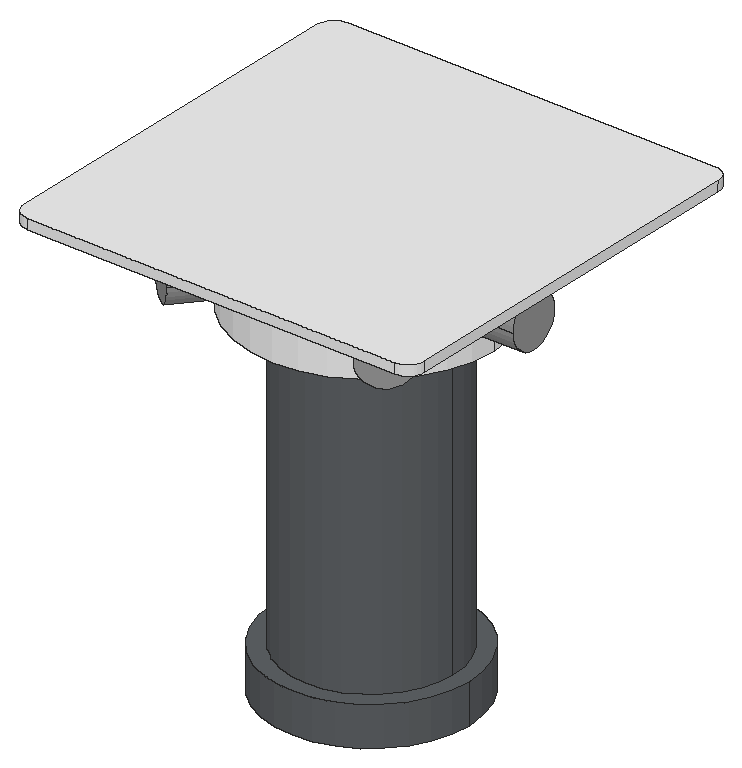
Revit family "KEUCO_59551000070_", category Generic Models, Revit 2016
Family settings
  Part Type = Normal
  Can host rebar = No
  Round Connector Dimension = Use Diameter
  Work Plane-Based = Yes
  Always vertical = No
  Cut with Voids When Loaded = No
  Shared = No
  Room Calculation Point = No
Parameters (values of type "59551000070")
  Verwendung = "DU / WA / ZU"  # constant formula
  Preisgruppe = ""
  Kategorie = "ARM"
  Gewicht = 0
  Breite = 45 mm
  URL = "https://www.keuco.com/de/produkte/sortiment/artikel/?pid=59551&oid=7&pgo=9&country=de&lang=de&vid=59551000070"
  Materialien bei Hersteller anfragen = "Anfrage zu:  objektmanagement@keuco.de"
  Description = "Grundkörper für Wandeinbau,\r\nEinbautiefe 80 - 110 mm"
  Default Elevation = 1219.2 mm
  Serie = "Plan"  # constant formula
  Material = Stahl, verchromt
  Manufacturer = "KEUCO"  # constant formula
  Assembly Code = ""
  Ausschreibungstext = "KEUCO IXMO UP Funktionseinheit für Einhebelmischer DN15, 59551000070\r\nschallentkoppelter Grundkörper aus entzinkungsarmen Messing,\r\nfür den Wandeinbau, frei positionierbar,\r\nEinbautiefe 80 mm – 110 mm,\r\nGrundplatte mit Einstellschrauben zur optimalen Ausrichtung, \r\nAnschlüsse G 1/2 Zoll mit farblicher Kennzeichnung,\r\nHinweis: passend zu Artikel-Nr.\r\n59551019501\r\n59551019502"
  Artikelnummer = "59551000070"
Reference planes
  plane 1 "Center (Front/Back)": y = 0
  plane 2: z = 0
  plane 3 "Center (Left/Right)": x = 0
Forms (mm)
  Extrusion 1, solid, material "Stahl, verchromt" <- "Material"
    sketch origin (0, 16.5, -23) x (1, 0, 0) y (0, 1, 0)
      loop
        circle (0.019, -16.484) r 37.5
    from -7 to 20
  Extrusion 2, solid, material "Stahl, verchromt" <- "Material"
    sketch origin (0, 16.5, 0) x (0, 1, 0) y (-1, 0, 0)
      loop
        arc (44.5, 56) -> (43.036, 59.536) -> (39.5, 61) r 5
        line (39.5, 61) -> (-72.5, 61)
        arc (-72.5, 61) -> (-76.036, 59.536) -> (-77.5, 56) r 5
        line (-77.5, 56) -> (-77.5, -56)
        arc (-77.5, -56) -> (-76.036, -59.536) -> (-72.5, -61) r 5
        line (-72.5, -61) -> (39.5, -61)
        arc (39.5, -61) -> (43.036, -59.536) -> (44.5, -56) r 5
        line (44.5, -56) -> (44.5, 56)
    from 0 to -3
  Extrusion 3, solid, material "Schwarzgrau"
    sketch origin (0, 16.5, -145) x (0, 1, 0) y (-1, 0, 0)
      loop
        circle (-16.5, 0) r 25
    from 21.987 to 115
  Extrusion 4, solid, material "Aluminum, Anodized Red"
    sketch origin (-1.721, 0.475, -32.959) x (0.756817, -0.653627, 0) y (0, 0, 1)
      loop
        circle (0, 15.638) r 7.801
    from 35.359 to 50.002
  Extrusion 5, solid, material "Brass, Soft Yellow, Welded"
    sketch origin (10.617, -0.559, -32.959) x (0, 1, 0) y (0, 0, 1)
      loop
        circle (0, 15.638) r 7.801
    from 25.751 to 39.383
  Extrusion 6, solid, material "Schwarzgrau"
    sketch origin (0, 16.5, -170) x (0, 1, 0) y (-1, 0, 0)
      loop
        circle (-16.5, 0) r 30
    from 46.987 to 35
  Extrusion 7, solid, material "Brass, Soft Yellow, Welded"
    sketch origin (-10.617, -0.559, -32.959) x (0, 1, 0) y (0, 0, -1)
      loop
        circle (0, -15.638) r 7.801
    from 25.751 to 39.383
  Extrusion 8, solid, material "Aluminum, Anodized Silver"
    sketch origin (1.721, 0.475, -32.959) x (-0.756817, -0.653627, 0) y (0, 0, -1)
      loop
        circle (0, -15.638) r 7.801
    from 35.359 to 50.002
Dimensions and locks
  Extrusion 1 to Extrusion 1 = 27 mm
  aligned and locked: level to plane 2
